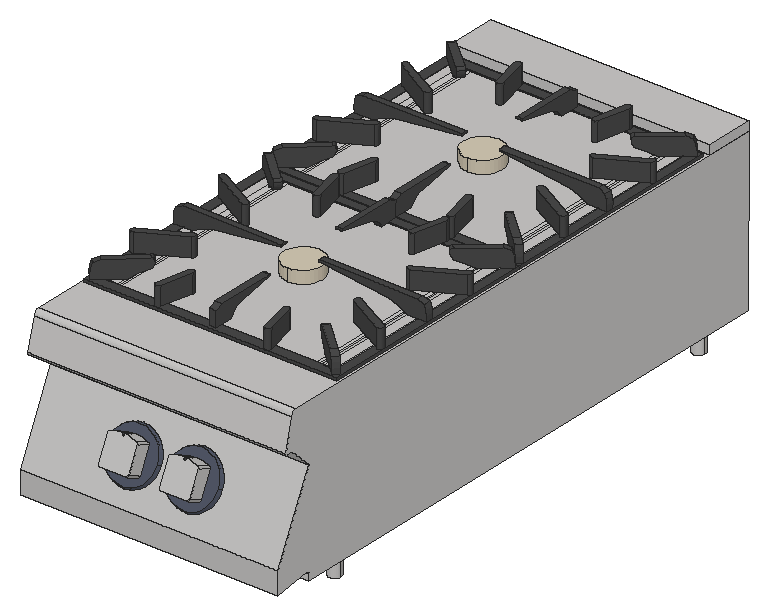
Revit family "QF_ZANUSSI_392001_Z9GCGD2S0M", category Specialty Equipment, Revit 2018 (continued)
Definition of nested family "QF_392001_BURNER"
  Automatic sketch dimensions
    curve 53 to curve 53 = 4.382 mm
    curve 45 to curve 45 = 4.382 mm
    curve 53 to curve 52 = 34.416 mm
    curve 44 to curve 61 = 36.694 mm
    curve 43 to curve 43 = 4.382 mm
    curve 51 to curve 51 = 4.382 mm
    curve 51 to curve 65 = 27.93 mm
    plane 1 "BACK" to curve 83 = 20.286 mm
    plane 1 "BACK" to curve 88 = 15 mm
    plane 1 "BACK" to curve 77 = 15 mm
    curve 77 to curve 83 = 30.799 mm
    curve 78 to plane 5 "FRONT" = 15 mm
    curve 80 to curve 71 = 7.989 mm
    curve 78 to curve 60 = 30.799 mm
    curve 78 to curve 80 = 13.475 mm
    curve 55 to curve 79 = 10.979 mm
    curve 82 to curve 57 = 6.514 mm
    curve 80 to curve 78 = 0 mm
    curve 80 to curve 82 = 11.41 mm
    curve 77 to curve 66 = 37.77 mm
    curve 60 to curve 79 = 11.41 mm
    plane 8 "Center X" to curve 81 = 7.403 mm
    plane 8 "Center X" to curve 84 = 7.403 mm
    curve 82 to plane 8 "Center X" = 2.597 mm
    curve 82 to curve 84 = 0 mm
    curve 79 to plane 8 "Center X" = 2.597 mm
    curve 79 to curve 81 = 0 mm
    curve 81 to curve 51 = 10.979 mm
    curve 53 to curve 85 = 17.924 mm
    curve 84 to curve 81 = 30.799 mm
    curve 84 to curve 85 = 11.41 mm
    curve 52 to curve 84 = 19.83 mm
    curve 81 to curve 83 = 11.41 mm
    curve 67 to curve 85 = 7.989 mm
    curve 85 to curve 77 = 0 mm
    curve 85 to curve 77 = 13.475 mm
    curve 86 to curve 37 = 26.152 mm
    curve 4 to curve 86 = 10.263 mm
    curve 86 to curve 4 = 0 mm
    curve 36 to curve 21 = 26.152 mm
    curve 88 to curve 88 = 25 mm
    plane 8 "Center X" to curve 89 = 69.193 mm
    curve 43 to curve 90 = 9.597 mm
    curve 43 to curve 90 = 0.432 mm
    plane 1 "BACK" to curve 90 = 20.286 mm
    curve 93 to plane 8 "Center X" = 2.597 mm
    plane 8 "Center X" to curve 91 = 7.403 mm
    curve 95 to plane 8 "Center X" = 69.193 mm
    curve 93 to curve 94 = 28.333 mm
    curve 95 to curve 12 = 33.104 mm
    curve 21 to curve 87 = 10.263 mm
    curve 87 to curve 21 = 0 mm
    curve 91 to curve 90 = 11.41 mm
    curve 89 to curve 87 = 21.732 mm
    curve 89 to curve 92 = 11.41 mm
    curve 92 to curve 89 = 0 mm
    plane 8 "Center X" to curve 92 = 7.403 mm
    curve 91 to curve 90 = 0 mm
    curve 93 to curve 95 = 0 mm
    curve 93 to curve 95 = 11.41 mm
    curve 11 to curve 94 = 0 mm
    curve 11 to curve 94 = 11.41 mm
    curve 95 to curve 11 = 30.799 mm
    curve 95 to curve 12 = 13.475 mm
    plane 3 "LEFT" to curve 95 = 45.799 mm
    curve 95 to curve 5 = 33.104 mm
    Extrusion 8 sketch curve to Extrusion 3 = 5.275 mm  (x2)
    Extrusion 8 sketch curve to Extrusion 8 sketch curve = 1.125 mm  (x16)
    Extrusion 3 to Extrusion 8 sketch curve = 38.711 mm  (x2)
    Extrusion 8 sketch curve to Extrusion 3 = 7.19 mm  (x3)
    Extrusion 3 to Extrusion 8 sketch curve = 72.734 mm  (x2)
    Extrusion 8 sketch curve to Extrusion 8 sketch curve = 4.382 mm  (x16)
    Extrusion 8 sketch curve to Extrusion 3 = 2.995 mm  (x4)
    Extrusion 8 sketch curve to Extrusion 8 sketch curve = 34.416 mm  (x4)
    Extrusion 3 to Extrusion 8 sketch curve = 50.629 mm  (x3)
    Extrusion 8 sketch curve to Extrusion 8 sketch curve = 93.773 mm  (x2)
    Extrusion 3 to Extrusion 8 sketch curve = 40.96 mm  (x2)
    Extrusion 8 sketch curve to Extrusion 3 = 7.476 mm  (x2)
    Extrusion 8 sketch curve to Extrusion 8 sketch curve = 2.408 mm  (x4)
    Extrusion 3 to Extrusion 8 sketch curve = 91.634 mm  (x2)
    Extrusion 8 sketch curve to Extrusion 8 sketch curve = 4.872 mm  (x8)
    Extrusion 8 sketch curve to Extrusion 8 sketch curve = 11.182 mm  (x4)
    Extrusion 3 to Extrusion 8 sketch curve = 112.56 mm
    Extrusion 8 sketch curve to Extrusion 8 sketch curve = 61.931 mm
    Extrusion 3 to Extrusion 8 sketch curve = 55.445 mm
    Extrusion 8 sketch curve to Extrusion 8 sketch curve = 4.816 mm
    curve 67 to curve 85 = 19.656 mm
    curve 71 to curve 80 = 19.656 mm
    curve 99 to plane 5 "FRONT" = 7.524 mm
    curve 74 to curve 99 = 41.179 mm
    curve 98 to curve 99 = 4.872 mm
    curve 96 to plane 5 "FRONT" = 5.275 mm
    curve 99 to curve 96 = 4.872 mm
    curve 99 to curve 98 = 11.182 mm
    curve 98 to curve 97 = 4.872 mm
    curve 96 to plane 5 "FRONT" = 53.711 mm
    curve 97 to curve 96 = 4.872 mm
    curve 97 to curve 97 = 1.125 mm
    curve 103 to curve 70 = 62.105 mm
    curve 103 to curve 103 = 4.872 mm  (x2)
    curve 100 to plane 5 "FRONT" = 5.275 mm
    curve 100 to curve 100 = 11.182 mm
    curve 101 to curve 101 = 4.872 mm
    curve 102 to plane 5 "FRONT" = 7.524 mm
    curve 101 to curve 102 = 4.872 mm
    curve 100 to curve 100 = 48.436 mm
    curve 103 to curve 103 = 1.125 mm
    curve 106 to curve 67 = 62.105 mm
    curve 107 to curve 107 = 4.872 mm
    plane 1 "BACK" to curve 104 = 55.96 mm
    curve 107 to curve 104 = 4.872 mm
    plane 1 "BACK" to curve 105 = 5.275 mm
    curve 107 to curve 105 = 11.182 mm
    curve 105 to curve 105 = 4.872 mm  (x2)
    curve 107 to curve 107 = 1.125 mm
    plane 1 "BACK" to curve 104 = 7.524 mm
    plane 1 "BACK" to curve 109 = 7.524 mm
    curve 62 to curve 109 = 41.179 mm
    curve 109 to curve 109 = 4.872 mm
    plane 1 "BACK" to curve 108 = 5.275 mm
    curve 109 to curve 108 = 4.872 mm
    curve 110 to curve 111 = 11.182 mm
    curve 110 to curve 111 = 4.872 mm
    plane 1 "BACK" to curve 108 = 53.711 mm
    curve 111 to curve 108 = 4.872 mm
    curve 111 to curve 108 = 2.25 mm
    radius of Extrusion 4 sketch curve = 30 mm
